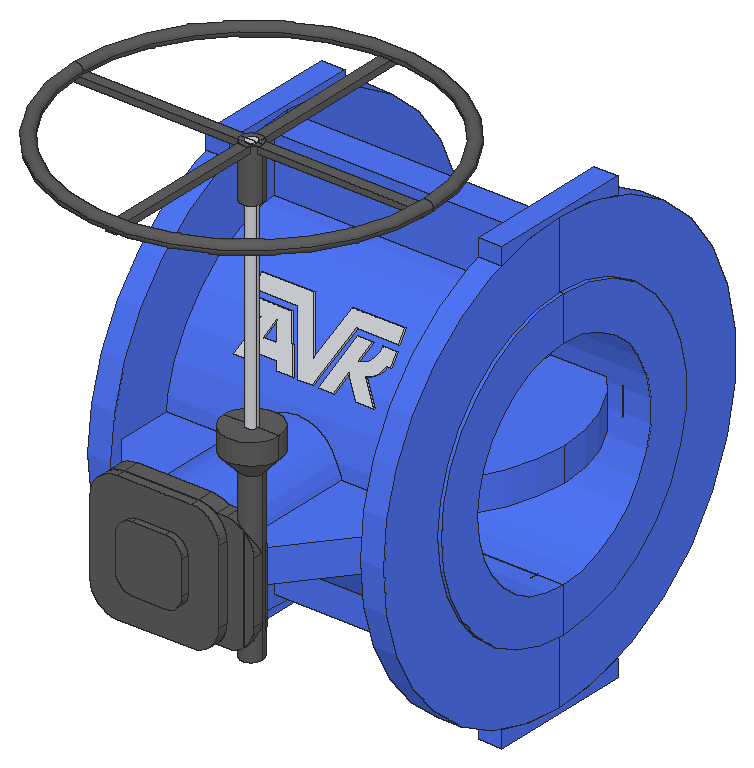
Revit family "756-100-025 DN150-1400", category Pipe Accessories, Revit 2022
Family settings
  Round Connector Dimension = Use Diameter
  Part Type = Valve - Breaks Into
  Work Plane-Based = No
  Always vertical = Yes
  Cut with Voids When Loaded = No
  Shared = No
Parameters (values of type "DN0150_PN10/16")
  stem = FL_T * 0.2  # 3.8 mm
  shat_T = W2 * 0.9  # 204.3 mm
  shaft_dim2 = shaft1 * 1.1  # 44.468 mm
  shaft1 = Shaft_R * 1.1  # 40.425 mm
  hand_wheel = D1 - disk_T  # 113.6 mm
  hand__wheel1 = W5 - (disk_T / 2)  # 274.3 mm
  fillet = size_lookup(Search_table, "fillet", 0 mm, DN)  # 5.7 mm
  disk_T = FL_T * 0.6  # 11.4 mm
  dim1 = disk_T + Raised_dis  # 14.4 mm
  W5_dim4 = W5 * 0.85  # 238 mm
  W5_dim3 = W5_dim2 * 0.85  # 70.805 mm
  W5_dim2 = W5_dim1 * 0.85  # 83.3 mm
  W5_dim1 = W5 * 0.35  # 98 mm
  W5 = size_lookup(Search_table, "W5", 0 mm, DN)  # 280 mm
  W4 = size_lookup(Search_table, "W4", 0 mm, DN) / 2  # 0.25 mm
  W3 = size_lookup(Search_table, "W3", 0 mm, DN) / 2  # 0.25 mm
  W2_dim1 = W2 * 0.85  # 192.95 mm
  W2 = size_lookup(Search_table, "W2", 0 mm, DN)  # 227 mm
  W1 = size_lookup(Search_table, "W1", 0 mm, DN)  # 155 mm
  URL product pages = "https://www.avkvalves.com/P.aspx?no=7560300104000047"
  Stem_dia = 0 mm
  Shaft_R = L * 0.35  # 36.75 mm
  Search_table = "756-100-025 DN150-1400"
  Rib_W = OD * 0.35  # 49.875 mm
  Rib = L * 0.55  # 57.75 mm
  Raised_dis = size_lookup(Search_table, "Raised_dis", 0 mm, DN)  # 3 mm
  Raised_Dia = size_lookup(Search_table, "Raised_Dia", 0 mm, DN) / 2  # 105.5 mm
  OD = size_lookup(Search_table, "OD", 0 mm, DN) / 2  # 142.5 mm
  Offset = size_lookup(Search_table, "Offset", 0 mm, DN) / 2  # 0 mm
  L2 = size_lookup(Search_table, "L2", 0 mm, DN)  # 0.5 mm
  L1 = size_lookup(Search_table, "L1", 0 mm, DN)  # 0.5 mm
  L = size_lookup(Search_table, "L", 0 mm, DN) / 2  # 105 mm
  Inside_R = Bore * 0.7  # 52.5 mm
  Hw = stem * 2  # 7.6 mm
  HW = stem * 1.1  # 4.18 mm
  H2 = size_lookup(Search_table, "H2", 0 mm, DN)  # 200 mm
  Gear box_T = 0 mm
  FL_T = size_lookup(Search_table, "FL_T", 0 mm, DN)  # 19 mm
  FL_OD = W1 * 0.98  # 151.9 mm
  Disk_dia = D1 - HW  # 120.82 mm
  Description_ = "AVK DOUBLE ECCENTRIC BUTTERFLY VALVE, PN10/16"
  Default Elevation = 0 mm
  DN0900_PN16 = "756-0900-1-14000047"
  DN0900_PN10 = "756-0900-1-04000047"
  DN0800_PN16 = "756-0800-1-14000047"
  DN0800_PN10 = "756-0800-1-04000047"
  DN0700_PN16 = "756-0700-1-14000047"
  DN0700_PN10 = "756-0700-1-04000047"
  DN0600_PN16 = "756-0600-1-14000047"
  DN0600_PN10 = "756-0600-1-04000047"
  DN0500_PN16 = "756-0500-1-14000047"
  DN0450_PN16 = "756-0450-1-14000047"
  DN0400_PN16 = "756-0400-1-14000047"
  DN0400_PN10 = "756-0400-1-04000047"
  DN0350_PN16 = "756-0350-1-14000047"
  DN0350_PN10 = "756-0350-1-04000047\r\n 756-0350-1-04000047\r\n756-0350-1-04000047"
  DN0300_PN16 = "756-0300-1-14000047"
  DN0300_PN10 = "756-0300-1-04000047"
  DN0250_PN16 = "756-0250-1-14000047"
  DN0250_PN10 = "756-0250-1-04000047"
  DN0200_PN16 = "756-0200-1-14000047"
  DN0200_PN10 = "756-0200-1-04000047"
  DN0150_PN10/16 = "756-0150-1-14000047"
  DN1400_PN16 = "756-1400-1-14000047"
  DN1400_PN10 = "756-1400-1-04000047"
  DN1200_PN16 = "756-1200-1-14000047"
  DN1200_PN10 = "756-1200-1-04000047"
  DN1000_PN16 = "756-1000-1-14000047"
  DN1000_PN10 = "756-1000-1-04000047"
  DN = 150 mm
  DN0500_PN10 = "756-0500-1-04000047"
  DN0450_PN10 = "756-0450-1-04000047"
  D1 = size_lookup(Search_table, "D1", 0 mm, DN) / 2  # 125 mm
  Bore = size_lookup(Search_table, "Bore", 0 mm, DN)  # 75 mm
  5 = 5 mm  # constant formula
  1 = 1 mm  # constant formula
  0 = 0 mm  # constant formula
Types (30, lengths in mm): name | stem | shat_T | shaft_dim2 | shaft1 | hand_wheel | hand__wheel1 | fillet | disk_T | dim1 | W5_dim4 | W5_dim3 | W5_dim2 | W5_dim1 | W5 | W4 | W3 | W2_dim1 | W2 | W1 | Shaft_R | Rib_W | Rib | Raised_dis | Raised_Dia | OD | Offset | L2 | L1 | L | Inside_R | Hw | HW | H2 | FL_T | FL_OD | Disk_dia | DN | D1 | Bore
  (no name) | 3.8 | 204.3 | 44.468 | 40.425 | 113.6 | 274.3 | 5.7 | 11.4 | 14.4 | 238 | 70.805 | 83.3 | 98 | 280 | 0.25 | 0.25 | 192.95 | 227 | 155 | 36.75 | 49.875 | 57.75 | 3 | 105.5 | 142.5 | 0 | 0.5 | 0.5 | 105 | 52.5 | 7.6 | 4.18 | 200 | 19 | 151.9 | 120.82 | 150 | 125 | 75
  DN0150_PN10/16 | 3.8 | 204.3 | 44.468 | 40.425 | 113.6 | 274.3 | 5.7 | 11.4 | 14.4 | 238 | 70.805 | 83.3 | 98 | 280 | 0.25 | 0.25 | 192.95 | 227 | 155 | 36.75 | 49.875 | 57.75 | 3 | 105.5 | 142.5 | 0 | 0.5 | 0.5 | 105 | 52.5 | 7.6 | 4.18 | 200 | 19 | 151.9 | 120.82 | 150 | 125 | 75
  DN0200_PN10 | 4 | 251.1 | 48.703 | 44.275 | 113 | 276 | 5.7 | 12 | 15 | 239.7 | 71.311 | 83.895 | 98.7 | 282 | 0.25 | 0.25 | 237.15 | 279 | 182 | 40.25 | 59.5 | 63.25 | 3 | 133 | 170 | 0 | 0.5 | 0.5 | 115 | 70 | 8 | 4.4 | 227 | 20 | 178.36 | 120.6 | 200 | 125 | 100
  DN0200_PN16 | 4 | 251.1 | 48.703 | 44.275 | 113 | 276 | 5.719 | 12 | 15 | 239.7 | 71.311 | 83.895 | 98.7 | 282 | 0.25 | 0.25 | 237.15 | 279 | 182 | 40.25 | 59.5 | 63.25 | 3 | 133 | 170 | 0 | 0.5 | 0.5 | 115 | 70.035 | 8 | 4.4 | 227 | 20 | 178.36 | 120.6 | 200.1 | 125 | 100.05
  DN0250_PN10 | 4.4 | 281.7 | 52.938 | 48.125 | 111.8 | 275.4 | 11.4 | 13.2 | 16.2 | 239.7 | 71.311 | 83.895 | 98.7 | 282 | 3 | 0.25 | 266.05 | 313 | 215 | 43.75 | 69.125 | 68.75 | 3 | 159.5 | 197.5 | 0.25 | 1 | 0.5 | 125 | 87.5 | 8.8 | 4.84 | 261 | 22 | 210.7 | 120.16 | 250 | 125 | 125
  DN0250_PN16 | 4.4 | 281.7 | 52.938 | 48.125 | 111.8 | 275.4 | 11.419 | 13.2 | 16.2 | 239.7 | 71.311 | 83.895 | 98.7 | 282 | 3 | 0.25 | 266.05 | 313 | 215 | 43.75 | 69.125 | 68.75 | 3 | 159.5 | 197.5 | 0.25 | 1 | 0.5 | 125 | 87.535 | 8.8 | 4.84 | 261 | 22 | 210.7 | 120.16 | 250.1 | 125 | 125.05
  DN0300_PN10 | 4.9 | 308.7 | 57.172 | 51.975 | 110.3 | 275.65 | 13.3 | 14.7 | 18.7 | 240.55 | 71.564 | 84.192 | 99.05 | 283 | 52 | 3 | 291.55 | 343 | 242 | 47.25 | 77.875 | 74.25 | 4 | 185 | 222.5 | 5.5 | 12 | 1 | 135 | 105 | 9.8 | 5.39 | 292 | 24.5 | 237.16 | 119.61 | 300 | 125 | 150
  DN0300_PN16 | 4.9 | 308.7 | 57.172 | 51.975 | 185.3 | 304.65 | 13.319 | 14.7 | 18.7 | 265.2 | 78.897 | 92.82 | 109.2 | 312 | 52 | 3 | 291.55 | 343 | 242 | 47.25 | 77.875 | 74.25 | 4 | 185 | 222.5 | 5.5 | 12 | 1 | 135 | 105.035 | 9.8 | 5.39 | 292 | 24.5 | 237.16 | 194.61 | 300.1 | 200 | 150.05
  DN0350_PN10 | 4.9 | 332.1 | 61.408 | 55.825 | 110.3 | 272.65 | 17.1 | 14.7 | 18.7 | 238 | 70.805 | 83.3 | 98 | 280 | 86.5 | 75.5 | 313.65 | 369 | 272 | 50.75 | 88.375 | 79.75 | 4 | 214.5 | 252.5 | 3 | 26 | 20 | 145 | 122.5 | 9.8 | 5.39 | 318 | 24.5 | 266.56 | 119.61 | 350 | 125 | 175
  DN0350_PN16 | 4.9 | 332.1 | 61.408 | 55.825 | 185.3 | 301.65 | 17.119 | 14.7 | 18.7 | 262.65 | 78.138 | 91.927 | 108.15 | 309 | 86.5 | 75.5 | 313.65 | 369 | 272 | 50.75 | 88.375 | 79.75 | 4 | 214.5 | 252.5 | 3 | 26 | 20 | 145 | 122.535 | 9.8 | 5.39 | 318 | 24.5 | 266.56 | 194.61 | 350.1 | 200 | 175.05
  DN0400_PN10 | 4.9 | 362.7 | 65.642 | 59.675 | 185.3 | 301.65 | 19 | 14.7 | 18.7 | 262.65 | 78.138 | 91.927 | 108.15 | 309 | 116 | 107.5 | 342.55 | 403 | 302 | 54.25 | 98.875 | 85.25 | 4 | 240 | 282.5 | 3 | 41 | 35 | 155 | 140 | 9.8 | 5.39 | 349 | 24.5 | 295.96 | 194.61 | 400 | 200 | 200
  DN0400_PN16 | 4.9 | 362.7 | 65.642 | 59.675 | 185.3 | 301.65 | 19.019 | 14.7 | 18.7 | 262.65 | 78.138 | 91.927 | 108.15 | 309 | 116 | 107.5 | 342.55 | 403 | 302 | 54.25 | 98.875 | 85.25 | 4 | 240 | 282.5 | 3 | 41 | 35 | 155 | 140.035 | 9.8 | 5.39 | 349 | 24.5 | 295.96 | 194.61 | 400.1 | 200 | 200.05
  DN0450_PN10 | 5.1 | 396 | 69.878 | 63.525 | 184.7 | 301.35 | 24.7 | 15.3 | 19.3 | 262.65 | 78.138 | 91.927 | 108.15 | 309 | 142 | 133.5 | 374 | 440 | 332 | 57.75 | 107.625 | 90.75 | 4 | 265 | 307.5 | 3.5 | 55 | 48 | 165 | 157.5 | 10.2 | 5.61 | 390 | 25.5 | 325.36 | 194.39 | 450 | 200 | 225
  DN0450_PN16 | 5.1 | 396 | 69.878 | 63.525 | 234.7 | 411.35 | 24.719 | 15.3 | 19.3 | 356.15 | 105.955 | 124.653 | 146.65 | 419 | 142 | 133.5 | 374 | 440 | 332 | 57.75 | 107.625 | 90.75 | 4 | 274 | 307.5 | 3.5 | 55 | 48 | 165 | 157.535 | 10.2 | 5.61 | 390 | 25.5 | 325.36 | 244.39 | 450.1 | 250 | 225.05
  DN0500_PN10 | 5.3 | 421.2 | 74.113 | 67.375 | 184.1 | 301.05 | 28.5 | 15.9 | 19.9 | 262.65 | 78.138 | 91.927 | 108.15 | 309 | 167.5 | 161 | 397.8 | 468 | 338 | 61.25 | 117.25 | 96.25 | 4 | 291 | 335 | 3 | 69 | 63 | 175 | 175 | 10.6 | 5.83 | 418 | 26.5 | 331.24 | 194.17 | 500 | 200 | 250
  DN0500_PN16 | 5.3 | 429.3 | 74.113 | 67.375 | 234.1 | 411.05 | 28.506 | 15.9 | 19.9 | 356.15 | 105.955 | 124.653 | 146.65 | 419 | 167.5 | 161 | 405.45 | 477 | 370 | 61.25 | 117.25 | 96.25 | 4 | 304.5 | 335 | 3 | 69 | 63 | 175 | 175.035 | 10.6 | 5.83 | 427 | 26.5 | 362.6 | 244.17 | 500.1 | 250 | 250.05
  DN0600_PN10 | 6 | 482.4 | 82.583 | 75.075 | 232 | 410 | 34.2 | 18 | 23 | 356.15 | 105.955 | 124.653 | 146.65 | 419 | 218.5 | 213 | 455.6 | 536 | 393 | 68.25 | 136.5 | 107.25 | 5 | 341 | 390 | 3 | 100 | 94 | 195 | 210 | 12 | 6.6 | 481 | 30 | 385.14 | 243.4 | 600 | 250 | 300
  DN0600_PN16 | 6 | 500.4 | 82.583 | 75.075 | 282 | 455 | 34.206 | 18 | 23 | 394.4 | 117.334 | 138.04 | 162.4 | 464 | 218.5 | 213 | 472.6 | 556 | 435 | 68.25 | 136.5 | 107.25 | 5 | 360 | 390 | 3 | 100 | 94 | 195 | 210.035 | 12 | 6.6 | 503 | 30 | 426.3 | 293.4 | 600.1 | 300 | 300.05
  DN0700_PN10 | 6.5 | 576.9 | 91.053 | 82.775 | 280.5 | 443.25 | 39.9 | 19.5 | 24.5 | 385.05 | 114.552 | 134.767 | 158.55 | 453 | 271.5 | 266.5 | 544.85 | 641 | 448 | 75.25 | 156.625 | 118.25 | 5 | 397 | 447.5 | 3 | 133 | 127 | 215 | 245 | 13 | 7.15 | 550 | 32.5 | 439.04 | 292.85 | 700 | 300 | 350
  DN0700_PN16 | 6.5 | 576.9 | 91.053 | 82.775 | 330.5 | 510.25 | 39.906 | 19.5 | 24.5 | 442 | 131.495 | 154.7 | 182 | 520 | 271.5 | 266.5 | 544.85 | 641 | 455 | 75.25 | 156.625 | 118.25 | 5 | 397 | 447.5 | 3 | 133 | 127 | 215 | 245.035 | 13 | 7.15 | 550 | 32.5 | 445.9 | 342.85 | 700.1 | 350 | 350.05
  DN0800_PN10 | 7 | 639.9 | 99.523 | 90.475 | 279 | 442.5 | 45.6 | 21 | 26 | 385.05 | 114.552 | 134.767 | 158.55 | 453 | 318 | 313.5 | 604.35 | 711 | 508 | 82.25 | 176.575 | 129.25 | 5 | 450.5 | 504.5 | 3 | 162 | 156 | 235 | 280 | 14 | 7.7 | 620 | 35 | 497.84 | 292.3 | 800 | 300 | 400
  DN0800_PN16 | 7 | 639.9 | 99.523 | 90.475 | 329 | 509.5 | 45.606 | 21 | 26 | 442 | 131.495 | 154.7 | 182 | 520 | 318 | 313.5 | 604.35 | 711 | 503 | 82.25 | 175.7 | 129.25 | 5 | 450.5 | 502 | 3 | 162 | 156 | 235 | 280.035 | 14 | 7.7 | 620 | 35 | 492.94 | 342.3 | 800.1 | 350 | 400.05
  DN0900_PN10 | 7.5 | 711.9 | 107.993 | 98.175 | 327.5 | 508.75 | 51.3 | 22.5 | 27.5 | 442 | 131.495 | 154.7 | 182 | 520 | 365 | 361 | 672.35 | 791 | 558 | 89.25 | 195.125 | 140.25 | 5 | 500.5 | 557.5 | 3 | 192 | 186 | 255 | 315 | 15 | 8.25 | 690 | 37.5 | 546.84 | 341.75 | 900 | 350 | 450
  DN0900_PN16 | 7.5 | 711.9 | 107.993 | 98.175 | 327.5 | 561.75 | 51.306 | 22.5 | 27.5 | 487.05 | 144.897 | 170.467 | 200.55 | 573 | 365 | 361 | 672.35 | 791 | 563 | 89.25 | 195.125 | 140.25 | 5 | 500.5 | 557.5 | 3 | 192 | 186 | 255 | 315.035 | 15 | 8.25 | 690 | 37.5 | 551.74 | 341.75 | 900.1 | 350 | 450.05
  DN1000_PN10 | 8 | 783.9 | 116.463 | 105.875 | 326 | 521 | 57 | 24 | 29 | 453.05 | 134.782 | 158.567 | 186.55 | 533 | 412 | 408 | 740.35 | 871 | 615 | 96.25 | 214.375 | 151.25 | 5 | 556 | 612.5 | 3 | 222 | 216 | 275 | 350 | 16 | 8.8 | 770 | 40 | 602.7 | 341.2 | 1000 | 350 | 500
  DN1000_PN16 | 8 | 783.9 | 116.463 | 105.875 | 276 | 561 | 57.006 | 24 | 29 | 487.05 | 144.897 | 170.467 | 200.55 | 573 | 412 | 408 | 740.35 | 871 | 628 | 96.25 | 214.375 | 151.25 | 5 | 556 | 612.5 | 3 | 222 | 216 | 275 | 350.035 | 16 | 8.8 | 770 | 40 | 615.44 | 291.2 | 1000.1 | 300 | 500.05
  DN1200_PN10 | 9 | 860.4 | 133.403 | 121.275 | 273 | 559.5 | 68.4 | 27 | 32 | 487.05 | 144.897 | 170.467 | 200.55 | 573 | 496.5 | 493 | 812.6 | 956 | 728 | 110.25 | 254.625 | 173.25 | 5 | 664 | 727.5 | 3 | 275 | 269 | 315 | 420 | 18 | 9.9 | 855 | 45 | 713.44 | 290.1 | 1200 | 300 | 600
  DN1200_PN16 | 9 | 860.4 | 133.403 | 121.275 | 323 | 580.5 | 68.406 | 27 | 32 | 504.9 | 150.208 | 176.715 | 207.9 | 594 | 496.5 | 493 | 812.6 | 956 | 743 | 110.25 | 254.625 | 173.25 | 5 | 664 | 727.5 | 3 | 275 | 269 | 315 | 420.035 | 18 | 9.9 | 855 | 45 | 728.14 | 340.1 | 1200.1 | 350 | 600.05
  DN1400_PN10 | 9.2 | 963.9 | 150.343 | 136.675 | 322.4 | 559.2 | 79.8 | 27.6 | 32.6 | 487.05 | 144.897 | 170.467 | 200.55 | 573 | 594.5 | 591 | 910.35 | 1071 | 838 | 124.25 | 293.125 | 195.25 | 5 | 765 | 837.5 | 3 | 339 | 333 | 355 | 490 | 18.4 | 10.12 | 970 | 46 | 821.24 | 339.88 | 1400 | 350 | 700
  DN1400_PN16 | 9.2 | 1007.1 | 150.343 | 136.675 | 322.4 | 580.2 | 79.806 | 27.6 | 32.6 | 504.9 | 150.208 | 176.715 | 207.9 | 594 | 594.5 | 591 | 951.15 | 1119 | 843 | 124.25 | 293.125 | 195.25 | 5 | 765 | 837.5 | 3 | 339 | 333 | 355 | 490.035 | 18.4 | 10.12 | 970 | 46 | 826.14 | 339.88 | 1400.1 | 350 | 700.05
Reference planes
  plane 1 "Center (Front/Back)": y = 0
  plane 2: z = 0
  plane 3 "Center (Left/Right)": x = 0
  plane 4: z = 151.9
  plane 5: z = -151.9
  plane 6: x = -105
  plane 7: x = 105
  plane 8: x = -105.5
  plane 9: x = 105.5
  plane 10: z = 0.25
  plane 11: z = -0.25
  plane 12: z = 0.25
  plane 13: z = -0.25
  plane 14: z = 75
  plane 15: y = -227
  plane 16: x = -201.023
  plane 17: z = -1281.419
  plane 18: y = 200
  plane 19: y = 200
  plane 20: y = -215.6
  plane 21: z = 274.3
  plane 22: y = 0.25
  plane 23: y = 0.25
  plane 24: y = -0.25
  plane 25: y = -0.25
  plane 26: z = 280
  plane 27: y = -208
  plane 28: x = 44.468
  plane 29: x = 55.868
  plane 30: x = 55.868
  plane 31: z = 274.3
  plane 32: x = 180.868
  plane 33: x = -69.132
  plane 34: x = 180.868
  plane 35: z = 155
  plane 36: z = -155
Forms (mm)
  Revolve 1, solid, material "Plastic"
    sketch origin (0, 0, 0) x (1, 0, 0) y (0, 0, 1)
      loop
        line (-105, 105.5) -> (-105, 75) -> (105, 75) -> (105, 105.5) -> (102, 105.5) -> (102, 151.9) -> (86, 151.9) -> (86, 105.5) -> (-86, 105.5) -> (-86, 151.9) -> (-102, 151.9) -> (-102, 105.5) -> (-105, 105.5)
      axis (-105, 0) -> (105, 0)
    angle from 0 to 360
  Extrusion 2, solid, material "Plastic"
    sketch origin (0, 0, 0) x (1, 0, 0) y (0, 0, 1)
      loop
        line (-86, 142.5) -> (-86, 75) -> (86, 75) -> (86, 142.5) -> (-86, 142.5)
      loop
        line (-86, -142.5) -> (86, -142.5) -> (86, -75) -> (-86, -75) -> (-86, -142.5)
    from -11.4 to 11.4
  Extrusion 3, solid, material "Plastic"
    sketch origin (0, 0, 0) x (1, 0, 0) y (0, 1, 0)
      loop
        circle (0, 0) r 105.5
    from -11.4 to 11.4
  Revolve 4, solid, material "Plastic"
    sketch origin (0, 0, 0) x (1, 0, 0) y (0, 1, 0)
      loop
        line (0, 200) -> (0, 75) -> (36.75, 75) -> (36.75, 200) -> (0, 200)
      axis (0, 75) -> (0, 200)
    angle from 0 to 360
  Revolve 5, solid, material "Plastic"
    sketch origin (0, 0, 0) x (1, 0, 0) y (0, 1, 0)
      loop
        line (0, 75) -> (44.468, 75) -> (44.468, 181) -> (36.75, 181) -> (36.75, 188.6) -> (40.425, 188.6) -> (40.425, 195) -> (0, 195) -> (0, 75)
      loop
        line (0, -75) -> (0, -204.3) -> (36.75, -204.3) -> (36.75, -75) -> (0, -75)
      axis (0, -204.3) -> (0, 195)
    angle from 0 to 360
  Extrusion 6, solid, material "Default Wall"
    sketch origin (0, 0, 0) x (1, 0, 0) y (0, 0, 1)
      loop
        arc (-25.467, 44.468) -> (-38.903, 38.903) -> (-44.468, 25.468) r 19
        line (-44.468, 25.468) -> (-44.468, -25.468)
        arc (-44.468, -25.468) -> (-38.903, -38.903) -> (-25.467, -44.468) r 19
        line (-25.467, -44.468) -> (25.468, -44.468)
        arc (25.468, -44.468) -> (38.903, -38.903) -> (44.468, -25.467) r 19
        line (44.468, -25.467) -> (44.468, 25.468)
        arc (44.468, 25.468) -> (38.903, 38.903) -> (25.468, 44.468) r 19
        line (25.468, 44.468) -> (-25.467, 44.468)
    from 204.3 to 215.6
  Extrusion 7, solid, material "Default Wall"
    sketch origin (0, 0, 0) x (1, 0, 0) y (0, 0, 1)
      loop
        arc (-11.4, 22.8) -> (-19.461, 19.461) -> (-22.8, 11.4) r 11.4
        line (-22.8, 11.4) -> (-22.8, -11.4)
        arc (-22.8, -11.4) -> (-19.461, -19.461) -> (-11.4, -22.8) r 11.4
        line (-11.4, -22.8) -> (11.4, -22.8)
        arc (11.4, -22.8) -> (19.461, -19.461) -> (22.8, -11.4) r 11.4
        line (22.8, -11.4) -> (22.8, 11.4)
        arc (22.8, 11.4) -> (19.461, 19.461) -> (11.4, 22.8) r 11.4
        line (11.4, 22.8) -> (-11.4, 22.8)
    from 215.6 to 227
  Extrusion 8, solid, material "Plastic"
    sketch origin (0, 0, 0) x (0, 1, 0) y (0, 0, 1)
      loop
        arc (58.2, 36.75) -> (54.169, 35.081) -> (52.5, 31.05) r 5.7
        line (52.5, 31.05) -> (52.5, 0) -> (75, 0) -> (75, 25.35)
        arc (75, 25.35) -> (71.661, 33.411) -> (63.6, 36.75) r 11.4
        line (63.6, 36.75) -> (58.2, 36.75)
      loop
        line (-58.2, 36.75) -> (-63.6, 36.75)
        arc (-63.6, 36.75) -> (-71.661, 33.411) -> (-75, 25.35) r 11.4
        line (-75, 25.35) -> (-75, 0) -> (-52.5, 0) -> (-52.5, 31.05)
        arc (-52.5, 31.05) -> (-54.169, 35.081) -> (-58.2, 36.75) r 5.7
    from -36.75 to 36.75
  Extrusion 9, solid, material "Plastic"
    sketch origin (0, 0, 0) x (1, 0, 0) y (0, 1, 0)
      loop
        line (0, 181) -> (-36.75, 181) -> (-86, 142.5) -> (-86, 75) -> (86, 75) -> (86, 142.5) -> (36.75, 181) -> (0, 181)
      loop
        line (-36.75, -204.3) -> (36.75, -204.3) -> (86, -142.5) -> (86, -75) -> (-86, -75) -> (-86, -142.5) -> (-36.75, -204.3)
    from -11.4 to 11.4
  Revolve 10, solid, material "Default Wall"
    sketch origin (-1588.818, -208, 1200) x (-1, 0, 0) y (0, 0, 1)
      loop
        line (-1644.685, -1129.195) -> (-1637.085, -1129.195) -> (-1625.685, -1116.7) -> (-1625.685, -1102) -> (-1644.685, -1102) -> (-1644.685, -1129.195)
      axis (-1644.685, -1129.195) -> (-1644.685, -1102)
    angle from 0 to 360
  Extrusion 11, solid, material "Default Wall"
    sketch origin (-1588.818, -208, 1200) x (-1, 0, 0) y (0, 0, 1)
      loop
        line (-1588.818, -1159.575) -> (-1633.285, -1159.575)
        arc (-1633.285, -1159.575) -> (-1646.72, -1165.14) -> (-1652.285, -1178.575) r 19
        line (-1652.285, -1178.575) -> (-1652.285, -1221.425)
        arc (-1652.285, -1221.425) -> (-1646.72, -1234.86) -> (-1633.285, -1240.425) r 19
        line (-1633.285, -1240.425) -> (-1588.818, -1240.425) -> (-1588.818, -1159.575)
    from -7.6 to 3.7
  Revolve 12, solid
    sketch origin (-1588.818, -208, 1200) x (-1, 0, 0) y (0, 0, 1)
      loop
        line (-1644.685, -925.7) -> (-1648.485, -925.7) -> (-1648.485, -1102) -> (-1644.685, -1102) -> (-1644.685, -925.7)
      axis (-1644.685, -925.7) -> (-1644.685, -1102)
    angle from 0 to 360
  Revolve 13, solid, material "Default Wall"
    sketch origin (-1588.818, -208, 1200) x (-1, 0, 0) y (0, 0, 1)
      loop
        line (-1652.285, -962) -> (-1644.685, -962) -> (-1644.685, -925.7) -> (-1652.285, -925.7) -> (-1652.285, -962)
      axis (-1644.685, -962) -> (-1644.685, -925.7)
    angle from 0 to 360
  Revolve 14, solid, material "Default Wall"
    sketch origin (-1588.818, -208, 1200) x (-1, 0, 0) y (0, 0, 1)
      loop
        circle (-1765.505, -924.18) r 4.18
      axis (-1644.685, -924.18) -> (-1644.685, -925.18)
    angle from 0 to 360
  Extrusion 15, solid, material "Default Wall"
    sketch origin (0, 0, 0) x (1, 0, 0) y (0, 1, 0)
      loop
        line (-64.952, -204.2) -> (-64.952, -211.8) -> (52.068, -211.8) -> (52.068, -328.82) -> (59.668, -328.82) -> (59.668, -211.8) -> (176.688, -211.8) -> (176.688, -204.2) -> (59.668, -204.2) -> (59.668, -87.18) -> (52.068, -87.18) -> (52.068, -204.2) -> (-64.952, -204.2)
    from 270.12 to 274.3
  Revolve 16, solid, material "Default Wall"
    sketch origin (-1588.818, -208, 1200) x (-1, 0, 0) y (0, 0, 1)
      loop
        line (-1644.685, -1129.195) -> (-1652.285, -1129.195) -> (-1652.285, -1244.467) -> (-1644.685, -1244.467) -> (-1644.685, -1129.195)
      axis (-1644.685, -1244.467) -> (-1644.685, -1129.195)
    angle from 0 to 360
  Extrusion 17, solid, material "Plastic"
    sketch origin (0, 0, 0) x (0, 1, 0) y (0, 0, 1)
      loop
        arc (-49.875, 143.479) -> (-25.29, 149.78) -> (0, 151.9) r 151.9
        arc (0, 151.9) -> (25.29, 149.78) -> (49.875, 143.479) r 151.9
        line (49.875, 143.479) -> (49.875, 155) -> (-49.875, 155) -> (-49.875, 143.479)
      loop
        line (-49.875, -155) -> (49.875, -155) -> (49.875, -143.479)
        arc (49.875, -143.479) -> (25.29, -149.78) -> (0, -151.9) r 151.9
        arc (0, -151.9) -> (-25.29, -149.78) -> (-49.875, -143.479) r 151.9
        line (-49.875, -143.479) -> (-49.875, -155)
    from 86 to 102
  Extrusion 18, solid, material "Plastic"
    sketch origin (0, 0, 0) x (0, 1, 0) y (0, 0, 1)
      loop
        line (49.875, 155) -> (-49.875, 155) -> (-49.875, 143.479)
        arc (-49.875, 143.479) -> (-25.29, 149.78) -> (0, 151.9) r 151.9
        arc (0, 151.9) -> (25.29, 149.78) -> (49.875, 143.479) r 151.9
        line (49.875, 143.479) -> (49.875, 155)
      loop
        line (-49.875, -155) -> (49.875, -155) -> (49.875, -143.479)
        arc (49.875, -143.479) -> (25.29, -149.78) -> (0, -151.9) r 151.9
        arc (0, -151.9) -> (-25.29, -149.78) -> (-49.875, -143.479) r 151.9
        line (-49.875, -143.479) -> (-49.875, -155)
    from -86 to -102
  Extrusion 19, solid, material "Default Wall"
    sketch origin (-1588.818, -208, 1200) x (-1, 0, 0) y (0, 0, 1)
      loop
        line (-1563.35, -1155.533) -> (-1614.285, -1155.533)
        arc (-1614.285, -1155.533) -> (-1627.72, -1161.097) -> (-1633.285, -1174.533) r 19
        line (-1633.285, -1174.533) -> (-1633.285, -1225.467)
        arc (-1633.285, -1225.467) -> (-1627.72, -1238.903) -> (-1614.285, -1244.467) r 19
        line (-1614.285, -1244.467) -> (-1563.35, -1244.467)
        arc (-1563.35, -1244.467) -> (-1549.915, -1238.903) -> (-1544.35, -1225.467) r 19
        line (-1544.35, -1225.467) -> (-1544.35, -1174.533)
        arc (-1544.35, -1174.533) -> (-1549.915, -1161.097) -> (-1563.35, -1155.533) r 19
    from -7.6 to -14
Dimensions and locks
  equal spacing: plane 4, level, plane 5
  equal spacing: plane 7, plane 3 "Center (Left/Right)", plane 6
  "L": plane 3 "Center (Left/Right)" to plane 6
  "FL_OD": plane 4 to level
  "Raised_dis": Revolve 1 sketch curve to plane 6
  equal spacing: Revolve 1 sketch curve, plane 3 "Center (Left/Right)", Revolve 1 sketch curve  (x2)
  "FL_T": plane 7 to Revolve 1 sketch curve
  equal spacing: plane 10, level, plane 11
  "W3": plane 10 to level
  plane 10 to plane 11 = 0.5 mm  (x2)
  "L2": plane 6 to plane 8
  "L1": plane 9 to plane 7
  equal spacing: plane 12, level, plane 13
  "W4": plane 12 to level
  plane 12 to plane 13 = 0.5 mm
  "Bore": plane 14 to level
  "Bore": Revolve 1 sketch curve to Revolve 1 sketch curve
  plane 7 to plane 6 = 210 mm
  equal spacing: Extrusion 2 sketch curve, plane 2, Extrusion 2 sketch curve  (x2)
  equal spacing: Extrusion 2 sketch curve, plane 3 "Center (Left/Right)", Extrusion 2 sketch curve
  "Bore": Extrusion 2 sketch curve to plane 2
  "OD": Extrusion 2 sketch curve to plane 2
  "FL_T": Extrusion 2 sketch curve to plane 6
  equal spacing: Extrusion 2, plane 1 "Center (Front/Back)", Extrusion 2
  "disk_T": Extrusion 2 to plane 1 "Center (Front/Back)"
  Extrusion 3 sketch curve to plane 6 = 0.5 mm
  equal spacing: Extrusion 3, level, Extrusion 3
  "disk_T": Extrusion 3 to level
  "Bore": plane 1 "Center (Front/Back)" to Revolve 4 sketch curve
  "Shaft_R": plane 3 "Center (Left/Right)" to Revolve 4 sketch curve
  "Raised_Dia": Revolve 1 sketch curve to level
  equal spacing: Extrusion 6 sketch curve, plane 3 "Center (Left/Right)", Extrusion 6 sketch curve
  equal spacing: Extrusion 6 sketch curve, level, Extrusion 6 sketch curve
  "shaft_dim2": plane 3 "Center (Left/Right)" to Extrusion 6 sketch curve
  "shaft_dim2": level to Extrusion 6 sketch curve
  equal spacing: Extrusion 7 sketch curve, plane 3 "Center (Left/Right)", Extrusion 7 sketch curve
  equal spacing: Extrusion 7 sketch curve, level, Extrusion 7 sketch curve
  "disk_T": plane 3 "Center (Left/Right)" to Extrusion 7 sketch curve
  "disk_T": Extrusion 7 sketch curve to level
  "H2": plane 1 "Center (Front/Back)" to plane 19
  "shaft1": plane 3 "Center (Left/Right)" to Revolve 5 sketch curve
  "disk_T": plane 19 to Revolve 5 sketch curve
  "FL_T": plane 19 to Revolve 5 sketch curve
  "shaft_dim2": plane 3 "Center (Left/Right)" to Revolve 5 sketch curve
  "Bore": plane 1 "Center (Front/Back)" to Revolve 5 sketch curve
  "Shaft_R": plane 3 "Center (Left/Right)" to Revolve 5 sketch curve  (x2)
  "W2": plane 15 to plane 1 "Center (Front/Back)"
  "disk_T": Extrusion 6 to plane 15
  "disk_T": plane 20 to plane 15
  plane 1 "Center (Front/Back)" to plane 15 = 227 mm
  "shat_T": plane 1 "Center (Front/Back)" to Extrusion 6
  "H2": plane 1 "Center (Front/Back)" to plane 18
  plane 7 to plane 9 = 0.5 mm  (x2)
  "Bore": Revolve 5 sketch curve to plane 1 "Center (Front/Back)"
  "shat_T": Revolve 5 to plane 1 "Center (Front/Back)"
  "hand__wheel1": plane 21 to level
  equal spacing: plane 25, plane 1 "Center (Front/Back)", plane 23
  equal spacing: plane 24, plane 1 "Center (Front/Back)", plane 22
  "W4": plane 1 "Center (Front/Back)" to plane 23
  "W3": plane 1 "Center (Front/Back)" to plane 22
  plane 8 to plane 6 = 0.5 mm  (x2)
  equal spacing: Extrusion 8 sketch curve, plane 1 "Center (Front/Back)", Extrusion 8 sketch curve  (x2)
  "Inside_R": Extrusion 8 sketch curve to plane 1 "Center (Front/Back)"
  "Bore": Extrusion 8 sketch curve to plane 1 "Center (Front/Back)"
  "Shaft_R": Extrusion 8 sketch curve to level
  equal spacing: Extrusion 8, plane 3 "Center (Left/Right)", Extrusion 8
  "Shaft_R": plane 3 "Center (Left/Right)" to Extrusion 8
  "W5": plane 26 to level
  "FL_T": plane 27 to plane 15
  "FL_T": plane 18 to Extrusion 9 sketch curve
  equal spacing: Extrusion 9 sketch curve, plane 3 "Center (Left/Right)", Extrusion 9 sketch curve  (x4)
  "Shaft_R": Extrusion 9 sketch curve to plane 3 "Center (Left/Right)"  (x2)
  "shat_T": Extrusion 9 sketch curve to plane 1 "Center (Front/Back)"
  equal spacing: Extrusion 9 sketch curve, plane 1 "Center (Front/Back)", Extrusion 9 sketch curve
  "Bore": plane 1 "Center (Front/Back)" to Extrusion 9 sketch curve
  "0": Extrusion 3 sketch curve to plane 1 "Center (Front/Back)"
  "Offset": Extrusion 3 sketch curve to plane 3 "Center (Left/Right)"
  "L1": plane 7 to Extrusion 3 sketch curve
  equal spacing: Extrusion 9, level, Extrusion 9
  "disk_T": Extrusion 9 to level
  plane 6 to plane 7 = 210 mm
  "shaft_dim2": plane 3 "Center (Left/Right)" to plane 28
  "W5_dim1": Revolve 10 sketch curve to level
  "W5_dim2": Revolve 10 sketch curve to level
  "disk_T": plane 29 to plane 28
  "FL_T": plane 29 to Revolve 10 sketch curve
  "shaft1": Extrusion 11 sketch curve to level
  equal spacing: Extrusion 11 sketch curve, level, Extrusion 11 sketch curve
  "FL_T": Extrusion 11 sketch curve to plane 28
  "shat_T": Extrusion 11 to plane 1 "Center (Front/Back)"
  "disk_T": plane 15 to Extrusion 11
  "disk_T": plane 30 to plane 28
  "W5_dim1": Revolve 12 sketch curve to level
  "stem": Revolve 12 sketch curve to plane 30
  "hand__wheel1": plane 31 to level
  plane 26 to level = 280 mm
  "Hw": Revolve 13 sketch curve to plane 30
  "W5_dim4": Revolve 13 sketch curve to level
  "W5": Revolve 14 sketch curve to level
  "D1": Revolve 14 sketch curve to plane 30
  "D1": plane 32 to plane 30
  "HW": plane 32 to Revolve 14 sketch curve
  equal spacing: Extrusion 15 sketch curve, plane 30, Extrusion 15 sketch curve  (x3)
  "Disk_dia": Extrusion 15 sketch curve to plane 27
  equal spacing: Extrusion 15 sketch curve, plane 27, Extrusion 15 sketch curve  (x2)
  "Disk_dia": Extrusion 15 sketch curve to plane 30
  "stem": Extrusion 15 sketch curve to plane 27
  "stem": Extrusion 15 sketch curve to plane 30
  "HW": plane 31 to Extrusion 15
  "Hw": plane 30 to Revolve 10 sketch curve
  "W5_dim3": Revolve 10 sketch curve to plane 2
  "W5_dim3": Revolve 16 sketch curve to level
  "Hw": Revolve 16 sketch curve to plane 30
  "shaft_dim2": level to Revolve 16 sketch curve
  "FL_T": Extrusion 9 sketch curve to plane 7
  "OD": plane 1 "Center (Front/Back)" to Extrusion 9 sketch curve  (x2)
  "FL_T": plane 6 to Extrusion 9 sketch curve
  "OD": Extrusion 9 sketch curve to plane 1 "Center (Front/Back)"  (x2)
  plane 23 to plane 25 = 0.5 mm
  plane 22 to plane 24 = 0.5 mm
  "D1": plane 33 to plane 30
  "D1": plane 30 to plane 34
  plane 33 to plane 34 = 250 mm
  plane 1 "Center (Front/Back)" to plane 18 = 200 mm
  plane 15 to plane 1 "Center (Front/Back)" = 227 mm
  "5": plane 19 to Revolve 5 sketch curve
  equal spacing: plane 35, level, plane 36
  "W1": plane 35 to level
  "Rib_W": Extrusion 17 sketch curve to plane 1 "Center (Front/Back)"
  equal spacing: Extrusion 17 sketch curve, plane 1 "Center (Front/Back)", Extrusion 17 sketch curve
  "W1": level to Extrusion 17 sketch curve
  "5": Extrusion 19 to plane 15
  "FL_T": radius of Extrusion 6 sketch curve  (x4)
  "disk_T": radius of Extrusion 7 sketch curve  (x4)
  "disk_T": radius of Extrusion 8 sketch curve  (x2)
  "fillet": radius of Extrusion 8 sketch curve  (x2)
  "FL_T": radius of Extrusion 11 sketch curve  (x2)
  aligned and locked: level to plane 2
  aligned and locked: Revolve 1 sketch curve to level
  aligned and locked: Revolve 1 sketch curve to plane 4  (x2)
  aligned and locked: Revolve 1 sketch curve to Revolve 1 sketch curve  (x2)
  aligned and locked: Extrusion 2 sketch curve to Extrusion 2 sketch curve  (x2)
  aligned and locked: plane 3 "Center (Left/Right)" to Revolve 4 sketch curve
  aligned and locked: Revolve 4 sketch curve to plane 3 "Center (Left/Right)"
  aligned and locked: plane 3 "Center (Left/Right)" to Revolve 5 sketch curve  (x3)
  aligned and locked: plane 20 to Extrusion 7
  aligned and locked: Extrusion 7 to plane 15
  aligned and locked: Extrusion 8 sketch curve to Extrusion 8 sketch curve  (x2)
  aligned and locked: level to Extrusion 8 sketch curve
  aligned and locked: plane 3 "Center (Left/Right)" to nested 1
  aligned and locked: Revolve 10 sketch curve to Revolve 10 sketch curve
  aligned and locked: plane 29 to Revolve 10 sketch curve
  aligned and locked: plane 3 "Center (Left/Right)" to Extrusion 11 sketch curve
  aligned and locked: plane 30 to Revolve 12 sketch curve
  aligned and locked: Revolve 12 sketch curve to plane 30
  aligned and locked: Revolve 12 to plane 21
  aligned and locked: plane 30 to Revolve 13 sketch curve
  aligned and locked: Revolve 13 sketch curve to plane 31
  aligned and locked: Revolve 13 sketch curve to plane 30
  aligned and locked: Revolve 14 sketch curve to plane 30
  aligned and locked: Extrusion 15 sketch curve to Extrusion 15 sketch curve  (x4)
  aligned and locked: plane 31 to Extrusion 15
  aligned and locked: plane 30 to Revolve 16 sketch curve
  aligned and locked: Revolve 16 sketch curve to plane 30
  aligned and locked: Revolve 4 sketch curve to plane 18
  aligned and locked: Extrusion 17 sketch curve to Revolve 1  (x2)
  aligned and locked: Extrusion 17 sketch curve to plane 35
  aligned and locked: Extrusion 17 sketch curve to Extrusion 17 sketch curve  (x2)
  aligned and locked: Extrusion 17 to Revolve 1  (x2)
  aligned and locked: Extrusion 18 sketch curve to Extrusion 17  (x10)
  aligned and locked: Extrusion 18 to Revolve 1  (x2)
  aligned and locked: Extrusion 19 sketch curve to Extrusion 6  (x4)
  aligned and locked: plane 20 to Extrusion 19
Automatic sketch dimensions
  Revolve 1 sketch curve to plane 6 = 0 mm
  Revolve 1 sketch curve to plane 7 = 0 mm
  Revolve 1 sketch curve to plane 26 = 174.5 mm
  Revolve 1 sketch curve to plane 8 = 54.105 mm
  Revolve 1 sketch curve to plane 7 = 5.005 mm
  plane 15 to Revolve 4 sketch curve = 4.222 mm
  Revolve 4 sketch curve to Revolve 4 sketch curve = 314.091 mm
  plane 27 to Revolve 5 sketch curve = 3.7 mm
  Revolve 5 sketch curve to plane 20 = 3.163 mm
  Revolve 5 sketch curve to Revolve 5 sketch curve = 26.574 mm
  Extrusion 9 sketch curve to plane 3 "Center (Left/Right)" = 0 mm
  level to Revolve 10 sketch curve = 0.015 mm
  Revolve 10 sketch curve to Revolve 10 sketch curve = 1.241 mm
  Revolve 12 sketch curve to plane 21 = 0 mm
  Revolve 12 sketch curve to Revolve 12 sketch curve = 0.217 mm
  Revolve 12 sketch curve to plane 21 = 0.317 mm
  Revolve 13 sketch curve to Revolve 13 sketch curve = 0.72 mm
  plane 10 to Revolve 13 sketch curve = 0.93 mm
  Revolve 14 sketch curve to plane 21 = 0.25 mm
  Revolve 14 sketch curve to plane 11 = 0.3 mm
  Revolve 16 sketch curve to plane 26 = 0.695 mm
  Revolve 16 sketch curve to plane 35 = 0.095 mm
  Extrusion 17 sketch curve to Extrusion 17 sketch curve = 0 mm  (x2)
Nested families
  nested 1: "logo large-1.0001" at (0, -90.951, 53.461) x (1, 0, 0) z (0, -0.8621, 0.5067), type "logo large-1.0001"
Connectors
  piping at (-105, 0, 0), diameter 150, driven by "DN"
    settings: on Revolve 1, index 1, connector inside diameter 609.6 mm, connector length 0 mm, flow factor 0, pipe flow 0.0 L/s, pressure drop 0.0 Pa, fitting loss kfactor 0, connector angle 0.00°, fixture units 0, engagement length 0 mm, angle of deflection 0.00°, flow configuration 0, flow direction 0, fitting loss method 0, system type 7, joint type 0, gender type 0, connector reference index -1, connector utility 0, adjustable connector no, is connector primary yes, connector description ""
  piping at (105, 0, 0), diameter 150, driven by "DN"
    settings: on Revolve 1, index 2, connector inside diameter 609.6 mm, connector length 0 mm, flow factor 0, pipe flow 0.0 L/s, pressure drop 0.0 Pa, fitting loss kfactor 0, connector angle 0.00°, fixture units 0, engagement length 0 mm, angle of deflection 0.00°, flow configuration 0, flow direction 0, fitting loss method 0, system type 7, joint type 0, gender type 0, connector reference index -1, connector utility 0, adjustable connector no, is connector primary no, connector description ""
Definition of nested family "logo large-1.0001"
  Parameters (values of type "logo large-1.0001")
    Default Elevation = 1219.2 mm
    DN600 = yes
    DN500 = yes
  Reference planes
    plane 1 "Center (Front/Back)": y = 0
    plane 2: z = 0
    plane 3 "Center (Left/Right)": x = 0
  Forms (mm)
    Extrusion 1, solid
      sketch origin (0, 0, 0) x (1, 0, 0) y (0, 1, 0)
        loop
          line (-1219.2, 1219.2) -> (-1219.2, -1219.2) -> (1219.2, -1219.2) -> (1219.2, 1219.2) -> (-1219.2, 1219.2)
      from 0 to -304.8
    Extrusion 2, solid, visible <- "DN600"
      sketch origin (0, 0, 0) x (1, 0, 0) y (0, 1, 0)
        loop
          line (-13.414, 47.067) -> (-49.421, 47.067) -> (-49.421, 37.301) -> (-20.11, 37.301) -> (-4.923, 0) -> (4.923, 0) -> (20.11, 37.301) -> (49.421, 37.301) -> (49.421, 47.067) -> (13.414, 47.067) -> (0, 14.12) -> (-13.414, 47.067)
        loop
          line (-49.421, 24.122) -> (-40.161, 24.122) -> (-49.421, 0) -> (-38.959, 0) -> (-36.972, 5.177) -> (-21.641, 5.177) -> (-19.533, 0) -> (-8.989, 0) -> (-22.642, 33.536) -> (-49.421, 33.536) -> (-49.421, 24.122)
        loop
          line (-34.548, 14.12) -> (-25.282, 14.12) -> (-30.051, 25.833) -> (-34.548, 14.12)
        loop
          line (22.642, 33.536) -> (8.989, 0) -> (19.533, 0) -> (24.902, 13.186) -> (34.838, 0) -> (47.067, 0) -> (35.829, 14.914)
          arc (35.829, 14.914) -> (42.384, 18.149) -> (46.597, 24.122) r 14.826
          line (46.597, 24.122) -> (49.421, 24.122) -> (49.421, 33.536) -> (40.007, 33.536)
          arc (40.007, 33.536) -> (36.577, 25.039) -> (28.208, 21.306) r 12.238
          line (28.208, 21.306) -> (33.187, 33.536) -> (22.642, 33.536)
      from 0 to 1
  Dimensions and locks
    aligned and locked: plane 2 to Extrusion 1
    aligned and locked: level to Extrusion 1
